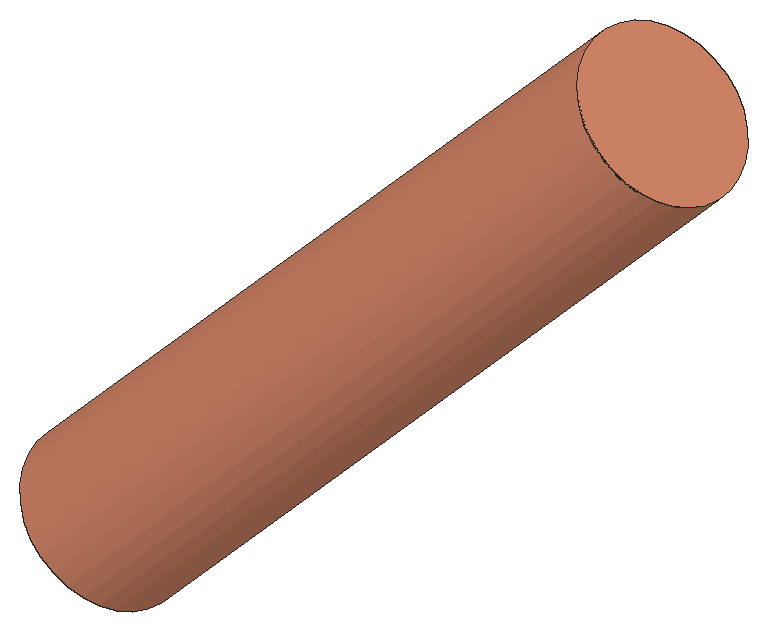
Revit family "盤サポート_鋼管（STK）", category Generic Models, Revit 2020
Family settings
  Can host rebar = No
  Round Connector Dimension = Use Diameter
  Part Type = Normal
  Work Plane-Based = Yes
  Always vertical = No
  Cut with Voids When Loaded = No
  Shared = No
  Room Calculation Point = No
Parameters (values of type "STK 101.6mm")
  長辺 [instance] = 長さ  # 500 mm
  長さ [instance] = 500 mm
  部屋名 = ""
  角度 [instance] = 45.00°
  直径 = 101.6 mm
  Default Elevation = 1219.2 mm
  構造マテリアル = E403_盤サポート
  半径 = 直径 / 2  # 50.8 mm
Types (29, lengths in mm): name | 直径 | 半径
  STK 101.6mm | 101.6 | 50.8
  STK 1016.0mm | 1016 | 508
  STK 114.3mm | 114.3 | 57.15
  STK 139.8mm | 139.8 | 69.9
  STK 165.2mm | 165.2 | 82.6
  STK 190.7mm | 190.7 | 95.35
  STK 21.7mm | 21.7 | 10.85
  STK 216.3mm | 216.3 | 108.15
  STK 267.4mm | 267.4 | 133.7
  STK 27.2mm | 27.2 | 13.6
  STK 318.5mm | 318.5 | 159.25
  STK 34.0mm | 34 | 17
  STK 355.6mm | 355.6 | 177.8
  STK 406.4mm | 406.4 | 203.2
  STK 42.7mm | 42.7 | 21.35
  STK 457.2mm | 457.2 | 228.6
  STK 48.6mm | 48.6 | 24.3
  STK 500.0mm | 500 | 250
  STK 508.0mm | 508 | 254
  STK 558.8mm | 558.8 | 279.4
  STK 60.5mm | 60.5 | 30.25
  STK 600.0mm | 600 | 300
  STK 609.6mm | 609.6 | 304.8
  STK 700.0mm | 700 | 350
  STK 711.2mm | 711.2 | 355.6
  STK 76.3mm | 76.3 | 38.15
  STK 812.8mm | 812.8 | 406.4
  STK 89.1mm | 89.1 | 44.55
  STK 914.4mm | 914.4 | 457.2
Reference planes
  plane 1 "中心(正面/背面)": y = 0
  plane 2: z = 0
  plane 3 "中心(左/右)": x = 0
Lines and regions (mm)
  reference lines
    curve 1: line (0, 0, 0) -> (848.528, 0, 848.528)
    curve 2: line (35.921, 0, -35.921) -> (-35.921, 0, 35.921)
    curve 3: line (389.474, 0, 317.632) -> (317.632, 0, 389.474)
Dimensions and locks
  equal spacing: curve 2, curve 1, curve 2
  "直径": curve 2 to curve 2
  equal spacing: curve 3, curve 1, curve 3
  "直径": curve 3 to curve 3
  "長さ": curve 3 to curve 2
  "角度": angle level to curve 1
  angle curve 2 to curve 1 = 90.00°
  angle curve 3 to curve 1 = 90.00°
  aligned and locked: level to plane 2
  aligned and locked: level to curve 1
  aligned and locked: plane 3 "中心(左/右)" to curve 1
  aligned and locked: nested 1 to curve 1
Nested families
  nested 1: "グレーチング_鋼管（STK）" at (0, 0, 0) x (0.7071, 0, -0.7071) z (0, -1, 0), 長さ <- "長さ", type "STK 21.7mm"
    with 長辺 500 mm, 長さ 500 mm, 直径 101.6 mm, 半径 50.8 mm
Definition of nested family "グレーチング_鋼管（STK）"
  Parameters (values of type "STK 165.2mm")
    長辺 [instance] = 長さ  # 1000 mm
    長さ [instance] = 1000 mm
    直径 = 165.2 mm
    Default Elevation = 1219.2 mm
    構造マテリアル = none
    半径 = 直径 / 2  # 82.6 mm
  Types (29, lengths in mm): name | 直径 | 半径
    STK 21.7mm | 21.7 | 10.85
    STK 27.2mm | 27.2 | 13.6
    STK 34.0mm | 34 | 17
    STK 42.7mm | 42.7 | 21.35
    STK 48.6mm | 48.6 | 24.3
    STK 60.5mm | 60.5 | 30.25
    STK 76.3mm | 76.3 | 38.15
    STK 89.1mm | 89.1 | 44.55
    STK 101.6mm | 101.6 | 50.8
    STK 114.3mm | 114.3 | 57.15
    STK 139.8mm | 139.8 | 69.9
    STK 165.2mm | 165.2 | 82.6
    STK 190.7mm | 190.7 | 95.35
    STK 216.3mm | 216.3 | 108.15
    STK 267.4mm | 267.4 | 133.7
    STK 318.5mm | 318.5 | 159.25
    STK 355.6mm | 355.6 | 177.8
    STK 406.4mm | 406.4 | 203.2
    STK 457.2mm | 457.2 | 228.6
    STK 500.0mm | 500 | 250
    STK 508.0mm | 508 | 254
    STK 558.8mm | 508 | 254
    STK 600.0mm | 600 | 300
    STK 609.6mm | 609.6 | 304.8
    STK 700.0mm | 700 | 350
    STK 711.2mm | 711.2 | 355.6
    STK 812.8mm | 812.8 | 406.4
    STK 914.4mm | 914.4 | 457.2
    STK 1016.0mm | 1016 | 508
  Reference planes
    plane 1 "中心(正面/背面)": y = 0
    plane 2: z = 0
    plane 3 "中心(左/右)": x = 0
  Forms (mm)
    Extrusion 1, solid, material <- "構造マテリアル"
      sketch origin (0, 0, 0) x (1, 0, 0) y (0, 0, 1)
        loop
          circle (0, 0) r 82.6
      from -1000 to 0
  Lines and regions (mm)
    reference lines
      curve 1: line (82.6, 1000, 0) -> (-82.6, 1000, 0)
      curve 2: line (82.6, 0, 0) -> (-82.6, 0, 0)
  Dimensions and locks
    "長さ": curve 1 to curve 2
    "直径": curve 1 to curve 1
    equal spacing: curve 1, plane 3 "中心(左/右)", curve 1
    "直径": curve 2 to curve 2
    equal spacing: curve 2, plane 3 "中心(左/右)", curve 2
    "半径": radius of Extrusion 1 sketch curve
    aligned and locked: level to plane 2
    aligned and locked: Extrusion 1 to curve 1
    aligned and locked: Extrusion 1 to curve 2
  Automatic sketch dimensions
    Extrusion 1 sketch curve to level = 0 mm
    Extrusion 1 sketch curve to plane 3 "中心(左/右)" = 0 mm
    plane 1 "中心(正面/背面)" to curve 2 = 0 mm
